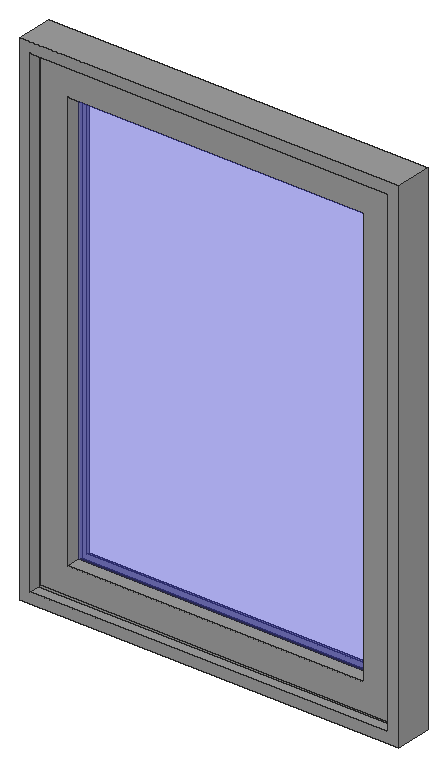
Revit family "14PL IC001_v02", category Windows, host Wall, Revit 2015
Parameters
  Wall Thickness [instance] = 0' - 6"
  URL = "obe.com"
  Rough Width = Width + 0' 0 1/2"  # 3' - 0 1/2"
  Rough Height = Height + 0' 0 1/2"  # 4' - 0 1/2"
  Offset Limitation [instance] = if((Offset + 0' 3 1/2") > Wall Thickness, (Wall Thickness - 0' 3 1/2"), Offset)  # 0' - 0"
  Offset [instance] = 0' - 0"
  Model = "14PL IC001"
  Manufacturer = "Oldcastle BuildingEnvelope®"
  Keynote = "08 51 00"
  Height = 4' - 0"
  Glass Material = Glass
  Frame Material = Aluminum
  Description = "SIGNATURE SERIES 14PL"
  Default Sill Height = 3' - 0"
  Wall Closure = By host
  Width = 3' - 0"
  Construction Type = ""
  Assembly Code = "B2020"
Reference planes (in)
  plane 1 "Center (Front/Back)": y = 0
  plane 2: z = 0
  plane 3 "Center (Left/Right)": x = 0
  plane 4 "Left": x = -18.25
  plane 5 "Right": x = 18.25
  plane 6 "Sill": z = 36
  plane 7 "Top": z = 84.5
  plane 8: x = 18
  plane 9: x = -18
  plane 10: z = 84.25
  plane 11: z = 36.25
  plane 12 "Offset": y = 3
  plane 13: z = 80.9995
  plane 14: z = 39.5005
  plane 15 "INT": y = 1.53125
  plane 16: z = 60.25
Forms (in)
  Sweep 1, solid, material "Aluminum" <- "Frame Material"
    path origin (0, 3, 0) x (1, 0, 0) y (0, 0, 1)
      loop
        line (-18, 84.5) -> (-18, 36)
    profile origin (-18, 3, 60.25) x (0, -1, 0) y (1, 0, 0)
      loop
        line (3.5, -0.25) -> (3.5, 0.75) -> (2.5, 0.75) -> (2.5, 1.375) -> (0.09375, 1.375) -> (0.09375, 2.25) -> (0, 2.25) -> (0, -0.25) -> (3.5, -0.25)
  Sweep 2, solid, material "Aluminum" <- "Frame Material"
    path origin (0, 3, 0) x (-1, 0, 0) y (0, 0, 1)
      loop
        line (-18, 84.5) -> (-18, 36)
    profile origin (18, 3, 60.25) x (0, -1, 0) y (1, 0, 0)
      loop
        line (3.5, 0.25) -> (0, 0.25) -> (0, -2.25) -> (0.09375, -2.25) -> (0.09375, -1.375) -> (2.5, -1.375) -> (2.5, -0.75) -> (3.5, -0.75) -> (3.5, 0.25)
  Sweep 3, solid, material "Aluminum" <- "Frame Material"
    path origin (0, 3, 0) x (1, 0, 0) y (0, 0, 1)
      loop
        line (18.25, 84.25) -> (-18.25, 84.25)
    profile origin (0, 3, 84.25) x (0, 0, -1) y (0, -1, 0)
      loop
        line (2.25, 0) -> (2.25, 0.09375) -> (1.3678, 0.09375) -> (1.3678, 2.5) -> (0.75, 2.5) -> (0.75, 3.5) -> (-0.25, 3.5) -> (-0.25, 0) -> (2.25, 0)
  Sweep 4, solid, material "Aluminum" <- "Frame Material"
    path origin (0, 3, 120.5) x (1, 0, 0) y (0, 0, -1)
      loop
        line (18.25, 84.25) -> (-18.25, 84.25)
    profile origin (0, 3, 36.25) x (0, 0, -1) y (0, -1, 0)
      loop
        line (-2.25, 0) -> (0.25, 0) -> (0.25, 3.5) -> (-0.75, 3.5) -> (-0.75, 2.5) -> (-1.375, 2.5) -> (-1.375, 0.09375) -> (-2.25, 0.09375) -> (-2.25, 0)
  Extrusion 5, solid, material "Glass" <- "Glass Material", detail levels coarse
    sketch origin (0, 0, 36) x (0, -1, 0) y (1, 0, 0)
      loop
        line (-2.53125, -14.7495) -> (-1.53125, -14.7495) -> (-1.53125, 14.7495) -> (-2.53125, 14.7495) -> (-2.53125, -14.7495)
    from 3.5005 to 44.9995
  Extrusion 6, solid, material "Glass" <- "Glass Material", detail levels medium+fine
    sketch origin (0, 0, 36) x (0, -1, 0) y (1, 0, 0)
      loop
        line (-2.53125, -14.7495) -> (-2.28125, -14.7495) -> (-2.28125, 14.7495) -> (-2.53125, 14.7495) -> (-2.53125, -14.7495)
      loop
        line (-1.76855, 14.7495) -> (-1.76855, -14.7495) -> (-1.53125, -14.7495) -> (-1.53125, 14.7495) -> (-1.76855, 14.7495)
    from 3.5005 to 44.9995
  Sweep 7, solid, material "Aluminum" <- "Frame Material"
    path origin (0, 3, 0) x (1, 0, 0) y (0, 0, 1)
      loop
        line (18, 83.12447) -> (18, 37.375)
    profile origin (18, 3, 60.24974) x (0, -1, 0) y (1, 0, 0)
      loop
        line (2.75, -3.751) -> (2.75, -1.125) -> (2.65625, -1.125) -> (2.65625, -2.063) -> (0.1875, -2.063) -> (0.1875, -3.751) -> (0.46875, -3.751) -> (0.46875, -3.2505) -> (1.46875, -3.2505) -> (1.46875, -3.751) -> (2.75, -3.751)
  Sweep 8, solid, material "Aluminum" <- "Frame Material"
    path origin (0, 3, 0) x (1, 0, 0) y (0, 0, 1)
      loop
        line (-18, 83.12447) -> (-18, 37.375)
    profile origin (-18, 3, 60.24974) x (0, -1, 0) y (1, 0, 0)
      loop
        line (0.1875, 2.063) -> (2.65625, 2.063) -> (2.65625, 1.125) -> (2.75, 1.125) -> (2.75, 3.751) -> (1.46875, 3.751) -> (1.46875, 3.2505) -> (0.46875, 3.2505) -> (0.46875, 3.751) -> (0.1875, 3.7505) -> (0.1875, 2.063)
  Sweep 9, solid, material "Aluminum" <- "Frame Material"
    path origin (0, 3, 0) x (1, 0, 0) y (0, 0, 1)
      loop
        line (16.875, 84.25) -> (-16.875, 84.25)
    profile origin (0, 3, 84.25) x (0, 0, -1) y (0, -1, 0)
      loop
        line (3.751, 1.46875) -> (3.751, 2.75) -> (1.12553, 2.75) -> (1.12553, 2.65625) -> (2.063, 2.65625) -> (2.063, 0.1875) -> (3.751, 0.1875) -> (3.751, 0.46875) -> (3.2505, 0.46875) -> (3.2505, 1.46875) -> (3.751, 1.46875)
  Sweep 10, solid, material "Aluminum" <- "Frame Material"
    path origin (0, 3, 0) x (1, 0, 0) y (0, 0, 1)
      loop
        line (-16.875, 36.25) -> (16.875, 36.25)
    profile origin (0, 3, 36.25) x (0, 0, 1) y (0, -1, 0)
      loop
        line (2.063, 0.1875) -> (3.751, 0.1875) -> (3.751, 0.46875) -> (3.2505, 0.46875) -> (3.2505, 1.46875) -> (3.751, 1.46875) -> (3.751, 2.75) -> (1.125, 2.75) -> (1.125, 2.65625) -> (2.063, 2.65625) -> (2.063, 0.1875)
Cuts and joins
  joined: Sweep 1, Sweep 2, Sweep 3, Sweep 4
  joined: Sweep 7, Sweep 8, Sweep 9, Sweep 10
Lines and regions (in)
  Opening 1
    outline origin (-60, -3, 0) x (1, 0, 0) y (0, 0, 1)
      loop
        line (41.75, 84.5) -> (41.75, 36) -> (78.25, 36) -> (78.25, 84.5) -> (41.75, 84.5)
  model lines, style "Opening Direction"
    curve 1: line (14.249, 1.53125, 80.499) -> (-14.249, 1.53125, 60.25)
    curve 2: line (-14.249, 1.53125, 60.25) -> (14.249, 1.53125, 40.001)
Text (in)
  text "EXTERIOR" at (-58.6888, 50.90694, 0), in view "Ref. Level"
  text "INTERIOR" at (-58.6888, -37.76638, 0), in view "Ref. Level"
  text "Exterior" at (0, 43.65631, 123.19604), in view "Left"
  text "Exterior" at (0, 18.29385, 125.04747), in view "Right"
  text "Min Size\n\n18\" width x 18\" height\n\n\n\nMax Size\n\n48\" x 84\"\n\n\n\nMax Operable Area\n\n21 square feet\n\n\n\nOperable Width must be less than or equal to height." at (97.61161, 50.90694, 0), in view "Ref. Level"
Dimensions and locks (in)
  equal spacing: plane 4 "Left", plane 3 "Center (Left/Right)", plane 5 "Right"
  "Rough Height": plane 6 "Sill" to plane 7 "Top"
  "Default Sill Height": plane 2 to plane 6 "Sill"
  locked: plane 6 "Sill" to plane 11 at 0.25
  locked: plane 8 to plane 5 "Right" at 0.25
  "Height": plane 11 to plane 10
  "Offset Limitation": plane 12 "Offset" to host wall
  "Wall Thickness": host wall to host wall
  "Width": plane 9 to plane 8
  "Rough Width": plane 4 "Left" to plane 5 "Right"
  plane 12 "Offset" to Extrusion 5 sketch curve to Extrusion 5 sketch curve = 0' - 0 15/32" locked, 0' - 1" locked
  locked: plane 13 to plane 10 at 3.2505
  locked: plane 11 to plane 14 at 3.2505
  locked: plane 15 "INT" to plane 12 "Offset" at 1.46875
  equal spacing: plane 6 "Sill", plane 16, plane 7 "Top"
  Extrusion 6 sketch curve to Extrusion 6 sketch curve to Extrusion 6 sketch curve to Extrusion 6 sketch curve to plane 12 "Offset" = 0' - 0.2373" locked, 0' - 0.5127" locked, 0' - 0 1/4" locked, 0' - 0 15/32" locked
  locked: Sweep 9 sketch curve to plane 8 at 1.125
  locked: plane 9 to Sweep 9 sketch curve at 1.125
  locked: Sweep 10 sketch curve to plane 8 at 1.125
  locked: plane 9 to Sweep 10 sketch curve at 1.125
  locked: plane 11 to Sweep 7 sketch curve at 1.125
  locked: Sweep 7 sketch curve to plane 10 at 1.12553
  locked: Sweep 8 sketch curve to plane 10 at 1.12553
  locked: plane 11 to Sweep 8 sketch curve at 1.125
  aligned and locked: plane 7 "Top" to Opening 1 sketch curve
  aligned and locked: plane 6 "Sill" to Opening 1 sketch curve  (x2)
  aligned and locked: plane 5 "Right" to Opening 1 sketch curve
  aligned and locked: plane 4 "Left" to Opening 1 sketch curve
  aligned and locked: level to plane 2
  aligned and locked: plane 6 "Sill" to Sweep 1 sketch curve
  aligned and locked: plane 7 "Top" to Sweep 1 sketch curve
  aligned and locked: Sweep 1 sketch curve to plane 9
  aligned and locked: plane 7 "Top" to Sweep 2 sketch curve
  aligned and locked: Sweep 2 sketch curve to plane 8
  aligned and locked: plane 6 "Sill" to Sweep 2 sketch curve
  aligned and locked: plane 4 "Left" to Sweep 3 sketch curve
  aligned and locked: plane 5 "Right" to Sweep 3 sketch curve
  aligned and locked: plane 10 to Sweep 3 sketch curve
  aligned and locked: plane 4 "Left" to Sweep 4 sketch curve
  aligned and locked: plane 5 "Right" to Sweep 4 sketch curve
  aligned and locked: plane 11 to Sweep 4 sketch curve
  aligned and locked: plane 13 to Extrusion 5
  aligned and locked: Extrusion 5 to plane 14
  aligned and locked: plane 16 to curve 2
  aligned and locked: plane 13 to Extrusion 6
  aligned and locked: Extrusion 6 to plane 14
  aligned and locked: Sweep 7 sketch curve to plane 8
  aligned and locked: Sweep 8 sketch curve to plane 9
  aligned and locked: plane 10 to Sweep 9 sketch curve
  aligned and locked: Sweep 10 sketch curve to plane 11
Automatic sketch dimensions
  plane 12 "Offset" to Sweep 1 sketch curve = 0' - 0"
  Sweep 1 sketch curve to Sweep 1 sketch curve = 0' - 0 3/32"
  Sweep 1 sketch curve to profile plane = 0' - 0 3/4"
  profile plane to Sweep 1 sketch curve = 0' - 0 1/4"
  Sweep 1 sketch curve to Sweep 1 sketch curve = 0' - 1"
  plane 12 "Offset" to Sweep 2 sketch curve = 0' - 0"
  Sweep 2 sketch curve to profile plane = 0' - 0 1/4"
  Extrusion 5 sketch curve to plane 9 = 0' - 3.2505"
  plane 8 to Extrusion 5 sketch curve = 0' - 3.2505"
  Sweep 4 sketch curve to plane 12 "Offset" = 0' - 0"
  Sweep 4 sketch curve to profile plane = 0' - 0 1/4"
  Sweep 4 sketch curve to Sweep 4 sketch curve = 0' - 1"
  curve 1 to plane 9 = 0' - 3.751"
  plane 14 to curve 2 = 0' - 0.5005"
  plane 8 to curve 2 = 0' - 3.751"
  curve 1 to plane 13 = 0' - 0.5005"
  plane 8 to curve 1 = 0' - 3.751"
  Extrusion 6 sketch curve to plane 9 = 0' - 3.2505"
  Extrusion 6 sketch curve to Extrusion 6 sketch curve = 0' - 0"  (x2)
  plane 8 to Extrusion 6 sketch curve = 0' - 3.2505"
  Sweep 3 sketch curve to plane 12 "Offset" = 0' - 0"
  profile plane to Sweep 3 sketch curve = 0' - 0 1/4"
  Sweep 3 sketch curve to profile plane = 0' - 0 3/4"
  plane 12 "Offset" to Sweep 3 sketch curve = 0' - 2 1/2"
  Sweep 3 sketch curve to Sweep 3 sketch curve = 0' - 1"
  Sweep 3 sketch curve to Sweep 3 sketch curve = 0' - 0.6178"
  plane 12 "Offset" to Sweep 3 sketch curve = 0' - 0 3/32"
  Sweep 3 sketch curve to Sweep 3 sketch curve = 0' - 0.8822"
  profile plane to Sweep 4 sketch curve = 0' - 1 3/8"
  profile plane to Sweep 4 sketch curve = 0' - 0 3/4"
  plane 12 "Offset" to Sweep 4 sketch curve = 0' - 0 3/32"
  Sweep 4 sketch curve to Sweep 4 sketch curve = 0' - 0 7/8"
  Sweep 4 sketch curve to Sweep 4 sketch curve = 0' - 2 13/32"
  plane 12 "Offset" to Sweep 2 sketch curve = 0' - 0 3/32"
  Sweep 2 sketch curve to Sweep 2 sketch curve = 0' - 1"
  profile plane to Sweep 2 sketch curve = 0' - 1 3/8"
  Sweep 2 sketch curve to Sweep 2 sketch curve = 0' - 0 5/8"
  Sweep 2 sketch curve to Sweep 2 sketch curve = 0' - 2 13/32"
  Sweep 2 sketch curve to Sweep 2 sketch curve = 0' - 0 7/8"
  Sweep 1 sketch curve to Sweep 1 sketch curve = 0' - 0 5/8"
  Sweep 1 sketch curve to Sweep 1 sketch curve = 0' - 2 13/32"
  Sweep 1 sketch curve to Sweep 1 sketch curve = 0' - 0 7/8"
  plane 12 "Offset" to Sweep 7 sketch curve = 0' - 0 15/32"
  Sweep 7 sketch curve to Sweep 7 sketch curve = 0' - 1"
  Sweep 7 sketch curve to Sweep 7 sketch curve = 0' - 1 3/16"  (x2)
  Sweep 7 sketch curve to Sweep 7 sketch curve = 0' - 0 3/32"
  profile plane to Sweep 7 sketch curve = 0' - 3.2505"
  Sweep 7 sketch curve to Sweep 7 sketch curve = 0' - 0.938"
  plane 12 "Offset" to Sweep 7 sketch curve = 0' - 0 3/16"
  Sweep 7 sketch curve to Sweep 7 sketch curve = 0' - 0.5005"
  Sweep 7 sketch curve to Sweep 7 sketch curve = 0' - 0"
  plane 12 "Offset" to Sweep 8 sketch curve = 0' - 0 3/16"
  Sweep 8 sketch curve to profile plane = 0' - 3.7505"
  Sweep 8 sketch curve to Sweep 8 sketch curve = 0' - 0 9/32"
  Sweep 8 sketch curve to Sweep 8 sketch curve = 0' - 0.0005"
  Sweep 8 sketch curve to Sweep 8 sketch curve = 0' - 0.5005"
  Sweep 8 sketch curve to Sweep 8 sketch curve = 0' - 1"
  Sweep 8 sketch curve to Sweep 8 sketch curve = 0' - 0"
  Sweep 8 sketch curve to Sweep 8 sketch curve = 0' - 1 3/16"  (x2)
  Sweep 8 sketch curve to Sweep 8 sketch curve = 0' - 0 3/32"
  Sweep 8 sketch curve to Sweep 8 sketch curve = 0' - 0.938"
  Sweep 9 sketch curve to profile plane = 0' - 1.12553"
  plane 12 "Offset" to Sweep 9 sketch curve = 0' - 0 3/16"
  Sweep 9 sketch curve to Sweep 9 sketch curve = 0' - 0.5005"
  plane 12 "Offset" to Sweep 9 sketch curve = 0' - 0 15/32"
  Sweep 9 sketch curve to Sweep 9 sketch curve = 0' - 1"
  Sweep 9 sketch curve to Sweep 9 sketch curve = 0' - 1 3/16"
  Sweep 9 sketch curve to Sweep 9 sketch curve = 0' - 0.93747"
  Sweep 9 sketch curve to Sweep 9 sketch curve = 0' - 1.688"
  Sweep 9 sketch curve to Sweep 9 sketch curve = 0' - 0"
  Sweep 9 sketch curve to Sweep 9 sketch curve = 0' - 0 3/32"
  Sweep 10 sketch curve to profile plane = 0' - 2.063"
  plane 12 "Offset" to Sweep 10 sketch curve = 0' - 0 15/32"
  Sweep 10 sketch curve to Sweep 10 sketch curve = 0' - 1"
  Sweep 10 sketch curve to Sweep 10 sketch curve = 0' - 1 3/16"  (x2)
  Sweep 10 sketch curve to Sweep 10 sketch curve = 0' - 0.938"
  plane 12 "Offset" to Sweep 10 sketch curve = 0' - 0 3/16"
  Sweep 10 sketch curve to Sweep 10 sketch curve = 0' - 0.5005"
  Sweep 10 sketch curve to Sweep 10 sketch curve = 0' - 0"
  Sweep 10 sketch curve to Sweep 10 sketch curve = 0' - 0 3/32"
